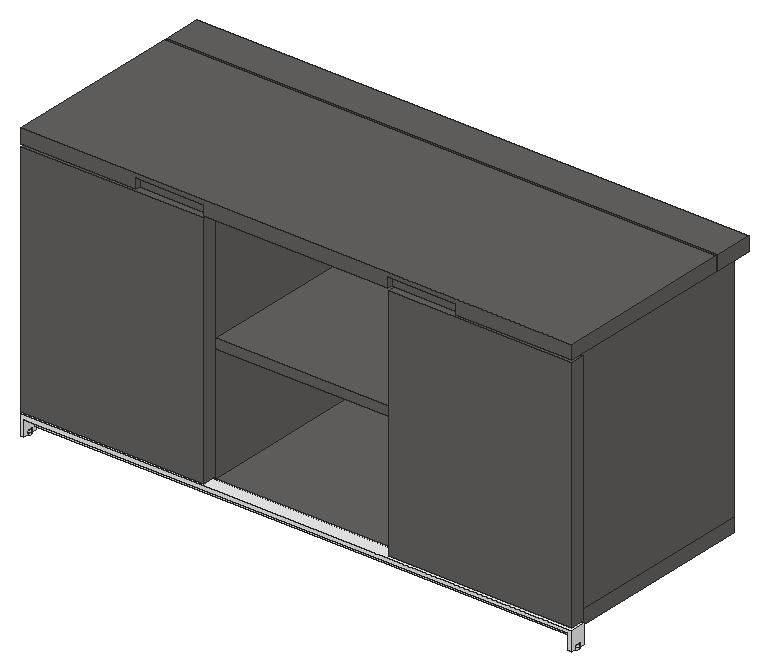
Revit family "Storage-Credenza-Teknion-ZXHO_High_Open_Center-R2011", category Furniture Systems, Revit 2013
Parameters (values of type "24" x 60" x 30", w/ Wire Management")
  Width = 60"  # constant formula
  Warranty = "http://www.teknionstudio.com/pdfs/Teknion%20Studio%20Warranty.pdf"
  Unit Weight = 162.00 lbf
  Unit Finish [instance] = Veneer - Teknion - P7 - Grey Oak
  URL = "www.teknionstudio.com"
  Wire Cutout Offset = if(Has Wire Management, 0", 4")  # 0"
  Low Emitting Material = yes
  Low Emitting Finish = yes
  Series = "B&B Italia"
  Product Page URL = "http://www.teknionstudio.com/acexecutive/"
  Product Line = "AC Executive"
  Product Documentation Link = "http://www.teknionstudio.com/pricing/ac_executive_ppg.pdf"
  Part Number = "ZXHO\r\nZXHO\r\nZXHO"
  Model = "ZXHO246030Y\r\nZXHO246030N\r\nZXHO246030N\r\nZXHO246030N\r\nZXHO246030Y"
  Manufacturer Phone = "919-464-2920"
  Manufacturer Fax = "919-464-2927"
  Manufacturer Email = "customersupport@teknionstudio.com"
  Manufacturer Address = "3941 US 70 Business HWY West, Clayton, NC 27520"
  Manufacturer = "Teknion Studio"  # constant formula
  Height = 30"  # constant formula
  Has Wire Management = yes
  Description = "High Open Center with Doors Credenza, 24\"d x 60\"w x 30\"h, w/ Wire Management"
  Depth = 24"  # constant formula
  Assembly Code = "E2020200"
Types (3): name | Wire Cutout Offset | Model | Has Wire Management | Description
  (no name) | 0" | "ZXHO246030Y\r\nZXHO246030N\r\nZXHO246030N\r\nZXHO246030N\r\nZXHO246030Y" | yes | "High Open Center with Doors Credenza, 24\"d x 60\"w x 30\"h, w/ Wire Management"
  24" x 60" x 30", w/o Wire Management | 4" | "ZXHO246030N\r\nZXHO246030N\r\nZXHO246030N\r\nZXHO246030N\r\nZXHO246030N" | no | "High Open Center with Doors Credenza, 24\"d x 60\"w x 30\"h, w/o Wire Management"
  24" x 60" x 30", w/ Wire Management | 0" | "ZXHO246030Y\r\nZXHO246030N\r\nZXHO246030N\r\nZXHO246030N\r\nZXHO246030Y" | yes | "High Open Center with Doors Credenza, 24\"d x 60\"w x 30\"h, w/ Wire Management"
Reference planes (in)
  plane 1 "Center F/B": y = 0
  plane 2: z = 0
  plane 3 "Center L/R": x = 0
  plane 4 "Unit Left": x = -28.4252
  plane 5 "Unit Right": x = 28.4252
  plane 6 "Back": y = 12
  plane 7 "Front": y = -12
  plane 8 "Top": z = 30
  plane 9: x = -15
  plane 10: x = 15
  plane 11: z = 2.1289
  plane 12 "Foot Centerline": y = -11.2126
  plane 13 "Elevation": z = 15.29476
  plane 14: z = 28.46063
  plane 15 "Left": x = -30
  plane 16 "Right": x = 30
  plane 17: x = -10
  plane 18: x = 10
  plane 19: x = -30
  plane 20: x = 30
  plane 21: x = -30
  plane 22: x = 30
  plane 23: x = -30
  plane 24: x = 30
  plane 25: z = 30
  plane 26: x = -10
  plane 27: x = 10
Forms (in)
  Sweep 1, solid, material "Metal - Teknion - C6 - Chrome"
    path origin (0, -12, 0) x (1, 0, 0) y (0, 0, 1)
      loop
        line (30, 0.05803) -> (30, 2.1289) -> (-30, 2.1289) -> (-30, 0.05803)
    profile origin (0, -12, 2.1289) x (0, 0, -1) y (0, -1, 0)
      loop
        line (0, 0) -> (0, -1.5748) -> (0.394, -1.5748) -> (0.394, 0) -> (0, 0)
  Sweep 2, solid, material "Metal - Teknion - C6 - Chrome"
    path origin (0, -12, 0) x (1, 0, 0) y (0, 0, 1)
      loop
        line (-30, 2.1289) -> (30, 2.1289)
    profile origin (0, -12, 2.1289) x (0, 0, 1) y (0, -1, 0)
      loop
        line (-0.394, -1.5748) -> (-0.394, -1.3778) -> (-1.575, -1.3778) -> (-1.575, -1.5748) -> (-0.394, -1.5748)
  Revolve 3, solid, material "Metal - Teknion - C6 - Chrome"
    sketch origin (0, -11.2126, 0) x (0, 0, -1) y (1, 0, 0)
      loop
        line (-0.4911, 29.4687) -> (-0.45173, 29.42933) -> (-0.28492, 29.42933) -> (-0.24555, 29.4687) -> (-0.20618, 29.42933) -> (-0.03937, 29.42933) -> (0, 29.4687) -> (0, 29.80335) -> (-0.4911, 29.80335) -> (-0.4911, 29.4687)
      axis (0, 29.80335) -> (-0.4911, 29.80335)
    angle from 0 to 360
  Revolve 4, solid, material "Metal - Teknion - C6 - Chrome"
    sketch origin (0, -11.2126, 0) x (0, 0, -1) y (1, 0, 0)
      loop
        line (0, -30.138) -> (0, -29.80335) -> (-0.4911, -29.80335) -> (-0.4911, -30.138) -> (-0.45173, -30.17737) -> (-0.28492, -30.17737) -> (-0.24555, -30.138) -> (-0.20618, -30.17737) -> (-0.03937, -30.17737) -> (0, -30.138)
      axis (0, -29.80335) -> (-0.4911, -29.80335)
    angle from 0 to 360
  Sweep 5, solid, material "Veneer - Teknion - P7 - Grey Oak" <- "Unit Finish"
    path origin (0, 0, 15.40683) x (-1, 0, 0) y (0, -1, 0)
      loop
        line (0, -12) -> (0, 12)
    profile origin (0, 0, 15.40683) x (1, 0, 0) y (0, 0, 1)
      loop
        line (-30, 14.59317) -> (-30, 13.0538) -> (30, 13.0538) -> (30, 14.59317) -> (-30, 14.59317)
  Sweep 6, solid, material "Veneer - Teknion - P7 - Grey Oak" <- "Unit Finish"
    path origin (0, -12, 0) x (1, 0, 0) y (0, 0, 1)
      loop
        line (-28.4252, 2.1289) -> (28.4252, 2.1289)
    profile origin (0, -12, 2.1289) x (0, 0, 1) y (0, -1, 0)
      loop
        line (0, -1.5748) -> (-1.53937, -1.5748) -> (-1.53937, -24) -> (0, -24) -> (0, -1.5748)
  Sweep 7, solid, material "Veneer - Teknion - P7 - Grey Oak" <- "Unit Finish"
    path origin (0, 0, 15.40683) x (-1, 0, 0) y (0, -1, 0)
      loop
        line (28.4252, 0) -> (-28.4252, 0)
    profile origin (0, 0, 15.40683) x (0, 1, 0) y (0, 0, 1)
      loop
        line (7.61024, 12.6597) -> (7.61024, 13.0538) -> (-10.32283, 13.0538) -> (-10.32283, -13.27793) -> (12, -13.27793) -> (12, 12.6597) -> (7.61024, 12.6597)
  Sweep 8, void
    path origin (0, 0, 0) x (0, 1, 0) y (0, 0, 1)
      loop
        line (-12, 28.46063) -> (-11.5276, 28.46063)
    profile origin (0, -11.7638, 28.46063) x (0, 0, 1) y (1, 0, 0)
      loop
        line (0, -17.42262) -> (1.1, -17.42262) -> (1.1, -10) -> (0, -10) -> (0, -17.42262)
  Sweep 9, void
    path origin (0, 12, 0) x (-1, 0, 0) y (0, 0, 1)
      loop
        line (30, 30) -> (-30, 30)
    profile origin (0, 12, 30) x (0, 0, -1) y (0, 1, 0)
      loop
        line (1.53937, -4.38976) -> (1.53937, -4.13976) -> (0, -4.13976) -> (0, -4.38976) -> (1.53937, -4.38976)
  Sweep 10, void
    path origin (0, 0, 0) x (0, 1, 0) y (0, 0, 1)
      loop
        line (-12, 28.46063) -> (-11.5276, 28.46063)
    profile origin (0, -11.7638, 28.46063) x (0, 0, 1) y (1, 0, 0)
      loop
        line (0, 17.42262) -> (0, 10) -> (1.1, 10) -> (1.1, 17.42262) -> (0, 17.42262)
  Sweep 11, solid, material "Veneer - Teknion - P7 - Grey Oak" <- "Unit Finish"
    path origin (0, 0, 0) x (0, 1, 0) y (0, 0, 1)
      loop
        line (-12, 15.29476) -> (-10.4606, 15.29476)
    profile origin (0, -11.2303, 15.29476) x (0, 0, 1) y (1, 0, 0)
      loop
        line (12.91587, -30) -> (12.91587, -10.079) -> (-12.91587, -10.079) -> (-12.91587, -30) -> (12.91587, -30)
      loop
        line (12.91587, 10.079) -> (12.91587, 30) -> (-12.91587, 30) -> (-12.91587, 10.079) -> (12.91587, 10.079)
  Sweep 12, void
    path origin (0, 0, 15.40683) x (-1, 0, 0) y (0, -1, 0)
      loop
        line (0, -11.25) -> (0, 10.4252)
    profile origin (0, 0.4124, 15.40683) x (1, 0, 0) y (0, 0, 1)
      loop
        line (-10.079, -13.27793) -> (10.079, -13.27793) -> (10.079, -0.6122) -> (-10.079, -0.6122) -> (-10.079, -13.27793)
      loop
        line (-10.079, 0.3878) -> (10.079, 0.3878) -> (10.079, 13.0538) -> (-10.079, 13.0538) -> (-10.079, 0.3878)
Cuts and joins
  joined: Sweep 1, Sweep 2, Revolve 3, Revolve 4
  Sweep 8, Sweep 9, Sweep 10 cuts Sweep 5
  Sweep 12 cuts Sweep 7
Lines and regions (in)
  Masking region 1
    outline origin (0, 0, 15.40683) x (-1, 0, 0) y (0, -1, 0)
      loop
        line (30, -12) -> (30, 12) -> (-30, 12) -> (-30, -12) -> (30, -12)
  symbolic lines, visible <- "Has Wire Management"
    curve 1: line (-30.0002, 7.61024, 15.40683) -> (30.0002, 7.61024, 15.40683)
  symbolic lines
    curve 2: arc (-10, -12, 15.40683) -> (-15.86552, -26.09787, 15.40683) -> (-30, -31.87461, 15.40683) r 19.875
    curve 3: arc (10, -12, 15.40683) -> (15.86552, -26.09787, 15.40683) -> (30, -31.87461, 15.40683) r 19.875
  symbolic lines, style "Elevation Swing"
    curve 4: line (-30, -12, 15.29476) -> (-10.079, -12, 28.21063)
    curve 5: line (-30, -12, 15.29476) -> (-10.079, -12, 2.3789)
    curve 6: line (10.079, -12, 28.21063) -> (30, -12, 15.29476)
    curve 7: line (30, -12, 15.29476) -> (10.079, -12, 2.3789)
  symbolic lines, style "FurnitureSystems"
    curve 8: line (-30, -12, 15.40683) -> (-30, -31.87461, 15.40683)
    curve 9: line (30, -12, 15.40683) -> (30, -31.87461, 15.40683)
Dimensions and locks (in)
  equal spacing: plane 6 "Back", plane 1 "Center F/B", plane 7 "Front"
  "Depth": plane 6 "Back" to plane 7 "Front"
  locked: plane 15 "Left" to plane 4 "Unit Left" at 1.5748
  locked: plane 5 "Unit Right" to plane 16 "Right" at 1.5748
  "Height": plane 8 "Top" to plane 2
  locked: Sweep 1 sketch curve to level at 0.05803  (x2)
  locked: plane 7 "Front" to Sweep 1 sketch curve at 1.5748
  locked: plane 11 to plane 2 at 2.1289
  locked: plane 11 to Sweep 1 sketch curve at 0.394
  plane 11 to Sweep 2 sketch curve to Sweep 2 sketch curve = 0.394" locked, 1.181" locked
  plane 7 "Front" to Sweep 2 sketch curve to Sweep 2 sketch curve = 1.3778" locked, 0.197" locked
  locked: plane 8 "Top" to Sweep 5 sketch curve at 1.53937
  locked: plane 11 to Sweep 6 sketch curve at 1.53937
  locked: plane 7 "Front" to Sweep 6 sketch curve at 1.5748
  locked: plane 8 "Top" to Sweep 7 sketch curve at 1.53937
  locked: plane 8 "Top" to Sweep 7 sketch curve at 1.93347
  locked: Sweep 7 sketch curve to plane 7 "Front" at 1.67717
  locked: plane 8 "Top" to plane 14 at 1.53937
  equal spacing: plane 14, plane 13 "Elevation", plane 11
  equal spacing: plane 15 "Left", plane 3 "Center L/R", plane 16 "Right"
  locked: plane 7 "Front" to plane 12 "Foot Centerline" at 0.7874
  locked: plane 4 "Unit Left" to Revolve 4 sketch curve at 1.37815
  locked: Revolve 4 sketch curve to Revolve 4 sketch curve at 0.37402
  Revolve 4 sketch curve to Revolve 4 sketch curve to Revolve 4 sketch curve to plane 2 = 0.07874" locked, 0.16681" locked, 0.03937" locked
  Revolve 4 sketch curve to Revolve 4 sketch curve to Revolve 4 sketch curve to Revolve 4 sketch curve = 0.03937" locked, 0.16681" locked, 0.03937" locked
  locked: Revolve 3 sketch curve to plane 5 "Unit Right" at 1.37815
  locked: Revolve 3 sketch curve to Revolve 3 sketch curve at 0.37402
  Revolve 3 sketch curve to Revolve 3 sketch curve to Revolve 3 sketch curve to Revolve 3 sketch curve to plane 2 = 0.03937" locked, 0.16681" locked, 0.07874" locked, 0.20618" locked
  locked: Sweep 8 sketch curve to plane 7 "Front" at 0.4724
  locked: Sweep 8 sketch curve to plane 14 at 1.1
  "Wire Cutout Offset": plane 25 to plane 8 "Top"
  locked: Sweep 9 sketch curve to Sweep 9 sketch curve at 0.25
  locked: plane 25 to Sweep 9 sketch curve at 1.53937
  locked: plane 6 "Back" to Sweep 9 sketch curve at 4.13976
  "Width": plane 15 "Left" to plane 16 "Right"
  equal spacing: plane 20, plane 3 "Center L/R", plane 19
  "Width": plane 20 to plane 19
  equal spacing: plane 15 "Left", plane 9, plane 3 "Center L/R"
  equal spacing: plane 3 "Center L/R", plane 10, plane 16 "Right"
  equal spacing: plane 22, plane 3 "Center L/R", plane 21
  "Width": plane 22 to plane 21
  equal spacing: plane 24, plane 3 "Center L/R", plane 23
  "Width": plane 24 to plane 23
  equal spacing: plane 15 "Left", plane 17, plane 18, plane 16 "Right"
  locked: plane 15 "Left" to plane 26 at 20
  locked: Sweep 8 sketch curve to plane 26 at 7.42262
  locked: Sweep 10 sketch curve to plane 7 "Front" at 0.4724
  locked: Sweep 10 sketch curve to Sweep 10 sketch curve at 7.42262
  locked: Sweep 10 sketch curve to plane 14 at 1.1
  locked: plane 27 to plane 16 "Right" at 20
  locked: plane 7 "Front" to Sweep 11 sketch curve at 1.5394
  locked: Sweep 11 sketch curve to plane 15 "Left" at 19.921
  locked: Sweep 11 sketch curve to plane 2 at 2.3789  (x2)
  locked: Sweep 11 sketch curve to plane 16 "Right" at 19.921
  locked: plane 6 "Back" to Sweep 12 sketch curve at 0.75
  locked: plane 7 "Front" to Sweep 12 sketch curve at 1.5748
  locked: Sweep 12 sketch curve to Sweep 12 sketch curve at 1
  locked: plane 14 to Sweep 12 sketch curve at 12.666
  Sweep 12 sketch curve to plane 3 "Center L/R" to Sweep 12 sketch curve = 10.079" locked, 10.079" locked  (x2)
  locked: plane 8 "Top" to Sweep 11 sketch curve at 1.78937  (x2)
  aligned and locked: level to plane 2
  aligned and locked: Sweep 1 sketch curve to plane 7 "Front"
  aligned and locked: plane 11 to Sweep 1 sketch curve
  aligned and locked: Sweep 1 sketch curve to plane 11
  aligned and locked: Sweep 2 sketch curve to plane 11
  aligned and locked: plane 6 "Back" to Sweep 5 sketch curve
  aligned and locked: plane 7 "Front" to Sweep 5 sketch curve
  aligned and locked: Sweep 5 sketch curve to plane 3 "Center L/R"
  aligned and locked: Sweep 5 sketch curve to plane 8 "Top"
  aligned and locked: Sweep 6 sketch curve to plane 11  (x2)
  aligned and locked: Sweep 6 sketch curve to plane 6 "Back"
  aligned and locked: plane 1 "Center F/B" to Sweep 7 sketch curve
  aligned and locked: plane 6 "Back" to Sweep 7 sketch curve
  aligned and locked: plane 11 to Sweep 7 sketch curve
  aligned and locked: plane 4 "Unit Left" to Sweep 7 sketch curve
  aligned and locked: plane 5 "Unit Right" to Sweep 7 sketch curve
  aligned and locked: plane 4 "Unit Left" to Sweep 6 sketch curve
  aligned and locked: plane 5 "Unit Right" to Sweep 6 sketch curve
  aligned and locked: Sweep 1 sketch curve to plane 21
  aligned and locked: plane 22 to Sweep 1 sketch curve
  aligned and locked: plane 23 to Sweep 2 sketch curve
  aligned and locked: plane 24 to Sweep 2 sketch curve
  aligned and locked: Revolve 3 sketch curve to Revolve 3 sketch curve  (x2)
  aligned and locked: Revolve 3 sketch curve to plane 2
  aligned and locked: Revolve 4 sketch curve to Revolve 4 sketch curve  (x2)
  aligned and locked: Revolve 4 sketch curve to plane 2
  aligned and locked: plane 14 to Sweep 8 sketch curve
  aligned and locked: Sweep 8 sketch curve to plane 14
  aligned and locked: Sweep 9 sketch curve to plane 25  (x2)
  aligned and locked: curve 1 to cut or joined group of Sweep 5, Sweep 8, Sweep 9, Sweep 10
  aligned and locked: plane 19 to Sweep 5 sketch curve
  aligned and locked: Sweep 5 sketch curve to plane 20
  aligned and locked: plane 15 "Left" to Sweep 9 sketch curve
  aligned and locked: plane 16 "Right" to Sweep 9 sketch curve
  aligned and locked: plane 26 to Sweep 8 sketch curve
  aligned and locked: plane 14 to Sweep 10 sketch curve  (x2)
  aligned and locked: plane 27 to Sweep 10 sketch curve
  aligned and locked: plane 7 "Front" to Sweep 8 sketch curve
  aligned and locked: plane 7 "Front" to Sweep 10 sketch curve
  aligned and locked: plane 16 "Right" to Masking region 1 sketch curve
  aligned and locked: plane 15 "Left" to Masking region 1 sketch curve
  aligned and locked: Masking region 1 sketch curve to plane 6 "Back"
  aligned and locked: Masking region 1 sketch curve to plane 7 "Front"
  aligned and locked: curve 8 to plane 15 "Left"
  aligned and locked: plane 7 "Front" to curve 2
  aligned and locked: plane 16 "Right" to curve 9
  aligned and locked: plane 7 "Front" to curve 3
  aligned and locked: plane 13 "Elevation" to curve 5
  aligned and locked: plane 15 "Left" to curve 5
  aligned and locked: plane 16 "Right" to curve 7
  aligned and locked: plane 7 "Front" to Sweep 11 sketch curve
  aligned and locked: Sweep 11 sketch curve to plane 13 "Elevation"
  aligned and locked: plane 15 "Left" to Sweep 11 sketch curve
  aligned and locked: plane 16 "Right" to Sweep 11 sketch curve
  aligned and locked: Sweep 11 to curve 6
  aligned and locked: Sweep 11 to curve 7
  aligned and locked: curve 5 to Sweep 11
  aligned and locked: Sweep 11 to curve 4
  aligned and locked: Sweep 12 sketch curve to plane 3 "Center L/R"
  aligned and locked: Sweep 12 sketch curve to plane 11
  aligned and locked: plane 14 to Sweep 12 sketch curve
  aligned and locked: plane 13 "Elevation" to curve 7
  aligned and locked: plane 17 to curve 2
  aligned and locked: plane 18 to curve 3
Automatic sketch dimensions
  Revolve 3 sketch curve to Revolve 3 sketch curve = 0.15736"
  Revolve 3 sketch curve to Revolve 3 sketch curve = 0.03937"  (x3)
  level to Revolve 3 sketch curve = 0.03937"
  Revolve 3 sketch curve to level = 0.10154"
  Revolve 4 sketch curve to Revolve 4 sketch curve = 0.2589"
  Revolve 4 sketch curve to level = 0.42419"
  Revolve 4 sketch curve to Revolve 4 sketch curve = 0.03937"  (x2)
  Sweep 7 sketch curve to Sweep 7 sketch curve = 4.38976"
  plane 7 "Front" to curve 8 = 0"
  curve 1 to plane 16 "Right" = 0.0002"
  curve 1 to plane 15 "Left" = 0.0002"
  plane 7 "Front" to curve 9 = 0"
  plane 11 to curve 5 = 1/4"
  plane 11 to curve 7 = 1/4"
  curve 6 to plane 14 = 1/4"
  curve 4 to plane 14 = 1/4"
  plane 15 "Left" to curve 2 = 1/8"
  plane 16 "Right" to curve 3 = 1/8"
